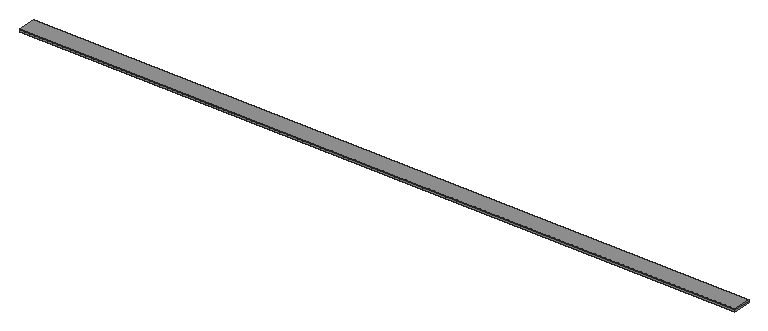
Revit family "0068122", category Lighting Fixtures, host Face, Revit 2017
Family settings
  Host = Face
  Round Connector Dimension = Use Diameter
  Part Type = Normal
  OmniClass Number = 23.80.70.00
  OmniClass Title = Lighting
  Cut with Voids When Loaded = No
  Light Source = Yes
  Shared = No
  Room Calculation Point = No
Parameters (values of type "0068122 START ECO FLEX IP20 RGBW - 500 mm")
  Width_SYL = if(IP20HO_SYL, 10 mm, if(IP65_SYL, 12 mm, if(IP65HO_SYL, 10 mm, if(IP67_SYL, 10 mm, if(IP20RGB_SYL, 8 mm, if(IP20RGBW_SYL, 12 mm, if(IP67RGB_SYL, 12 mm, if(IP67RGBW_SYL, 14 mm, 8 mm))))))))  # 12 mm
  Weight = "4.0 kg"
  Wattage Comments = ""
  Wattage = 72 W
  WarrantyStartDate [instance] = "n/a"
  WarrantyGuarantorParts = "n/a"
  WarrantyDurationUnit = "n/a"
  WarrantyDurationParts = "n/a"
  WarrantyDescription = "n/a"
  built-in parameter 1150110 = 1 (stored number, unit not read)
  Voltage = 24 V
  URL = "http://www.sylvania-lighting.com"
  TypeName = "START ECO FLEX IP20 RGBW - 500 mm"
  Type Image = <None>
  Type Comments = "n/a"
  built-in parameter 1114217 = 1 (stored number, unit not read)
  Tilt Angle = -90.00°
  built-in parameter 1150109 = 1 (stored number, unit not read)
  built-in parameter 1150134 = 5
  built-in parameter 1150113 = 1 (stored number, unit not read)
  StartCapWidth_SYL = if(IP20HO_SYL, 2 mm, if(IP65_SYL, 14 mm, if(IP65HO_SYL, 12 mm, if(IP67_SYL, 17.5 mm, if(IP20RGB_SYL, 2 mm, if(IP20RGBW_SYL, 2 mm, if(IP67RGB_SYL, 14 mm, if(IP67RGBW_SYL, 16 mm, 2 mm))))))))  # 2 mm
  StartCapVisible_SYL [instance] = no
  StartCapLength_SYL = if(IP20HO_SYL, 2 mm, if(IP65_SYL, 10 mm, if(IP65HO_SYL, 15 mm, if(IP67_SYL, 35 mm, if(IP20RGB_SYL, 2 mm, if(IP20RGBW_SYL, 2 mm, if(IP67RGB_SYL, 12 mm, if(IP67RGBW_SYL, 12 mm, 2 mm))))))))  # 2 mm
  StartCapHeight_SYL = if(IP20HO_SYL, 2 mm, if(IP65_SYL, 6 mm, if(IP65HO_SYL, 6 mm, if(IP67_SYL, 9.5 mm, if(IP20RGB_SYL, 2 mm, if(IP20RGBW_SYL, 2 mm, if(IP67RGB_SYL, 7 mm, if(IP67RGBW_SYL, 7 mm, 2 mm))))))))  # 2 mm
  SerialNumber [instance] = "n/a"
  SealingVisibility_SYL = yes
  IP67_SYL = no
  IP67RGB_SYL = no
  IP67RGBW_SYL = no
  IP65_SYL = no
  IP65HO_SYL = no
  IP20RGB_SYL = no
  IP20RGBW_SYL = yes
  IP20HO_SYL = no
  HeightWithSealing_SYL = if(IP20HO_SYL, 2 mm, if(IP65_SYL, 4 mm, if(IP65HO_SYL, 4 mm, if(IP67_SYL, 6 mm, if(IP20RGB_SYL, 2 mm, if(IP20RGBW_SYL, 2 mm, if(IP67RGB_SYL, 5 mm, if(IP67RGBW_SYL, 5 mm, 2 mm))))))))  # 2 mm
  Photometric Web File = "0068122.ies"
  Material_3_SYL = ABS Plastic
  PowerFactor = 0
  PowerConsumption = "72 W"
  NominalLength = 5000 mm
  NominalHeight = 2 mm
  NominalDepth = 12 mm
  Name = "START ECO FLEX IP20 RGBW - 500 mm"
  ModelReference = Name  # "START ECO FLEX IP20 RGBW - 500 mm"
  ModelNumber = "0068122"
  Model = Name  # "START ECO FLEX IP20 RGBW - 500 mm"
  Material = "none diffuser"
  ManufacturerName = "Feilo Sylvania"
  Manufacturer = "Feilo Sylvania"
  LuminousEfficacy = "56 lm/W"
  built-in parameter 1150105 = 1299.1 (stored number, unit not read)
  Lumens = 4032 lm
  LuminaireType = ""
  built-in parameter 1150115 = 1 (stored number, unit not read)
  LightOutputRatio = "n/a"
  built-in parameter 1150137 = (empty or 0)
  built-in parameter 1150139 = (empty or 0)
  Length_SYL = 500 mm
  LampsType = Lamp  # "LED"
  LampNominalLuminous = "4000 lm"
  LampMacAdamStep = "n/a"
  LampColourTemperature = "6000 K"
  LampColourRenderingIndex = "50"
  built-in parameter 1150112 = 1 (stored number, unit not read)
  built-in parameter 1150114 = 1 (stored number, unit not read)
  Lamp = "LED"
  Keynote = "16500"
  InstallationDate [instance] = "n/a"
  InputVoltage = "24V DC"
  InputNominalFrequency = "n/a"
  built-in parameter 1150132 = (empty or 0)
  built-in parameter 1150102 = (empty or 0)
  built-in parameter 1150107 = 6000 (stored number, unit not read)
  built-in parameter 1150138 = (empty or 0)
  IngressProtection = "IP20"
  ImpactProtectionIndex = "IK00"
  built-in parameter 1150106 = 12.991 (stored number, unit not read)
  IfcExportType = "IfcLightFixtureType"
  IfcExportAs = "IfcLightFixtureType"
  EndCapWidth_SYL = if(IP20HO_SYL, 2 mm, if(IP65_SYL, 14 mm, if(IP65HO_SYL, 12 mm, if(IP67_SYL, 17.5 mm, if(IP20RGB_SYL, 2 mm, if(IP20RGBW_SYL, 2 mm, if(IP67RGB_SYL, 14 mm, if(IP67RGBW_SYL, 16 mm, 2 mm))))))))  # 2 mm
  EndCapVisible_SYL [instance] = no
  EndCapLength_SYL = if(IP20HO_SYL, 2 mm, if(IP65_SYL, 10 mm, if(IP65HO_SYL, 10 mm, if(IP67_SYL, 15 mm, if(IP20RGB_SYL, 2 mm, if(IP20RGBW_SYL, 2 mm, if(IP67RGB_SYL, 10 mm, if(IP67RGBW_SYL, 10 mm, 2 mm))))))))  # 2 mm
  EndCapHeight_SYL = if(IP20HO_SYL, 2 mm, if(IP65_SYL, 6 mm, if(IP65HO_SYL, 6 mm, if(IP67_SYL, 9.5 mm, if(IP20RGB_SYL, 2 mm, if(IP20RGBW_SYL, 2 mm, if(IP67RGB_SYL, 7 mm, if(IP67RGBW_SYL, 7 mm, 2 mm))))))))  # 2 mm
  EmitSurfaceOffset_SYL = 1 mm  # constant formula
  EmitSurfaceHeight_SYL = if(IP20HO_SYL, 1.2 mm, if(IP65_SYL, 4 mm, if(IP65HO_SYL, 4 mm, if(IP67_SYL, 6 mm, if(IP20RGB_SYL, 1.2 mm, if(IP20RGBW_SYL, 1.2 mm, if(IP67RGB_SYL, 5 mm, if(IP67RGBW_SYL, 5 mm, 1.2 mm))))))))  # 1.2 mm
  Emit from Rectangle Width = if(IP20HO_SYL, 3.5 mm, if(IP65_SYL, 12 mm, if(IP65HO_SYL, 10 mm, if(IP67_SYL, 10 mm, if(IP20RGB_SYL, 5 mm, if(IP20RGBW_SYL, 5 mm, if(IP67RGB_SYL, 12 mm, if(IP67RGBW_SYL, 14 mm, 3.5 mm))))))))  # 5 mm
  Emit from Rectangle Length = Length_SYL - 2 * EmitSurfaceOffset_SYL  # 498 mm
  Emit Shape Visible in Rendering = no
  ElectricShockClassification = "Class III"
  built-in parameter 1150104 = 5.2026 (stored number, unit not read)
  DocumentationLiterature = "http://www.sylvania-lighting.com/product/en-int/products/0068122"
  DimmingControlOptions = "n/a"
  Material_2_SYL = LED
  Dimming Lamp Color Temperature Shift = <None>
  Description = "5 metre IP20 LED reel with pre-attached 3M adhesive type;  equipped with 600 LEDs; 24V; RGBW; CRI80; 30000 hrs (L70); White colour 2700K"
  Default Elevation = 1219.2 mm
  CreatedOn = "9/11/2019"
  CreatedBy = "@sylvania-lighting.com"
  Cost = 0
  Color Filter = 16777215
  built-in parameter 1114216 [instance] = (empty or 0)
  ClassificationValue = "EF_70_80"
  ClassificationName = "Uniclass2015"
  Material_1_SYL = Aluminum
  BarCode [instance] = "n/a"
  built-in parameter 1114218 = 1 (stored number, unit not read)
  built-in parameter 1150133 = 10 (stored number, unit not read)
  AssetType = "Fixed"
  AssetIdentifier [instance] = "n/a"
  Assembly Code = "D5020200"
  Apparent Load = 72 VA
  Material_4_SYL = Polycarbonate, Clear
Types (4, lengths in mm): name | TypeName | StartCapVisible_SYL | Name | ModelReference | Model | Length_SYL | EndCapVisible_SYL | Emit from Rectangle Length
  0068122 START ECO FLEX IP20 RGBW - 500 mm | "START ECO FLEX IP20 RGBW - 500 mm" | no | "START ECO FLEX IP20 RGBW - 500 mm" | "START ECO FLEX IP20 RGBW - 500 mm" | "START ECO FLEX IP20 RGBW - 500 mm" | 500 | no | 498
  0068122 START ECO FLEX IP20 RGBW - 100 mm | "START ECO FLEX IP20 RGBW - 100 mm" | no | "START ECO FLEX IP20 RGBW - 100 mm" | "START ECO FLEX IP20 RGBW - 100 mm" | "START ECO FLEX IP20 RGBW - 100 mm" | 100 | no | 98
  0068122 START ECO FLEX IP20 RGBW - 50 mm | "START ECO FLEX IP20 RGBW - 50 mm" | yes | "START ECO FLEX IP20 RGBW - 50 mm" | "START ECO FLEX IP20 RGBW - 50 mm" | "START ECO FLEX IP20 RGBW - 50 mm" | 50 | yes | 48
  0068122 START ECO FLEX IP20 RGBW - 10 mm | "START ECO FLEX IP20 RGBW - 10 mm" | yes | "START ECO FLEX IP20 RGBW - 10 mm" | "START ECO FLEX IP20 RGBW - 10 mm" | "START ECO FLEX IP20 RGBW - 10 mm" | 10 | yes | 8
Reference planes
  plane 1 "Center (Front/Back)": y = 0
  plane 2: z = 0
  plane 3 "Center (Left/Right)": x = 0
  plane 4: y = 6
  plane 5: y = -6
  plane 6: z = 1.2
  plane 7: x = 500
  plane 8: x = 250
  plane 9: x = 1
  plane 10: x = 499
  plane 11: y = 1.8
  plane 12: y = -1.8
  plane 13: y = 1
  plane 14: y = -1
  plane 15: x = -2
  plane 16: x = 502
  plane 17: y = 1
  plane 18: y = -1
  plane 19: z = 1.2
  plane 20: z = 2
  plane 21: z = 0.6
  plane 22: z = -0.4
  plane 23: z = 1.6
  plane 24: z = 1.6
  plane 25: z = -0.4
Forms (mm)
  Extrusion 1, solid, material "Aluminum" <- "Material_1_SYL"
    sketch origin (0, 0, 0) x (0, 1, 0) y (0, 0, 1)
      loop
        line (-6, 1.2) -> (-6, 0) -> (6, 0) -> (6, 1.2) -> (-6, 1.2)
    from 0 to 500
  Extrusion 2, solid, material "Polycarbonate, Clear" <- "Material_4_SYL", visible <- "SealingVisibility_SYL"
    sketch origin (0, 0, 0) x (0, 1, 0) y (0, 0, 1)
      loop
        line (-6, 1.2) -> (6, 1.2) -> (6, 2) -> (-6, 2) -> (-6, 1.2)
    from 0 to 500
  Extrusion 3, solid, visible <- "StartCapVisible_SYL"
    sketch origin (0, 0, 0) x (0, 1, 0) y (0, 0, 1)
      loop
        line (-1, -0.4) -> (1, -0.4) -> (1, 1.6) -> (-1, 1.6) -> (-1, -0.4)
    from 0 to -2
  Extrusion 4, solid, visible <- "EndCapVisible_SYL"
    sketch origin (500, 1524, 1219.2) x (0, 1, 0) y (0, 0, 1)
      loop
        line (-1523, -1219.6) -> (-1523, -1217.6) -> (-1525, -1217.6) -> (-1525, -1219.6) -> (-1523, -1219.6)
    from 0 to 2
Lines and regions (mm)
  Split face 1
    outline origin (0, -6, 1.2) x (0, 1, 0) y (-1, 0, 0)
      loop
        line (7.8, -1) -> (4.2, -1) -> (4.2, -499) -> (7.8, -499) -> (7.8, -1)
  reference lines
    curve 1: line (1, 1.8, 0) -> (499, 1.8, 0)
    curve 2: line (1, -1.8, 0) -> (1, 1.8, 0)
    curve 3: line (499, -1.8, 0) -> (1, -1.8, 0)
    curve 4: line (499, 1.8, 0) -> (499, -1.8, 0)
Dimensions and locks
  equal spacing: plane 5, plane 1 "Center (Front/Back)", plane 4
  "Width_SYL": plane 5 to plane 4
  "Length_SYL": plane 3 "Center (Left/Right)" to plane 7
  "EmitSurfaceOffset_SYL": plane 3 "Center (Left/Right)" to plane 9
  equal spacing: plane 9, plane 8, plane 10
  "EmitSurfaceOffset_SYL": plane 10 to plane 7
  equal spacing: plane 12, plane 1 "Center (Front/Back)", plane 11
  locked: plane 12 to plane 11 at 3.6
  equal spacing: plane 14, plane 1 "Center (Front/Back)", plane 13
  "StartCapWidth_SYL": plane 14 to plane 13
  "StartCapLength_SYL": plane 15 to plane 3 "Center (Left/Right)"
  equal spacing: plane 18, plane 1 "Center (Front/Back)", plane 17
  "EndCapWidth_SYL": plane 18 to plane 17
  "EndCapLength_SYL": plane 7 to plane 16
  "EmitSurfaceHeight_SYL": plane 19 to plane 2
  "HeightWithSealing_SYL": host face to plane 20
  equal spacing: plane 2, plane 21, plane 19
  equal spacing: plane 22, plane 21, plane 23
  "EndCapHeight_SYL": plane 22 to plane 23
  equal spacing: plane 25, plane 21, plane 24
  "StartCapHeight_SYL": plane 25 to plane 24
  aligned and locked: plane 2 to host face
  aligned and locked: level to host face
  aligned and locked: plane 6 to Extrusion 1 sketch curve
  aligned and locked: Extrusion 1 sketch curve to plane 5
  aligned and locked: level to Extrusion 1 sketch curve
  aligned and locked: plane 4 to Extrusion 1 sketch curve
  aligned and locked: plane 7 to Extrusion 1
  aligned and locked: imposter light to plane 1 "Center (Front/Back)"
  aligned and locked: plane 8 to imposter light
  aligned and locked: plane 11 to curve 1
  aligned and locked: plane 9 to curve 2
  aligned and locked: curve 3 to plane 12
  aligned and locked: curve 4 to plane 10
  aligned and locked: Split face 1 sketch curve to curve 1
  aligned and locked: Split face 1 sketch curve to curve 4
  aligned and locked: Split face 1 sketch curve to curve 3
  aligned and locked: Split face 1 sketch curve to curve 2
  aligned and locked: imposter light to plane 19
  aligned and locked: Extrusion 2 sketch curve to Extrusion 1  (x2)
  aligned and locked: Extrusion 2 sketch curve to plane 20
  aligned and locked: Extrusion 2 sketch curve to plane 4
  aligned and locked: Extrusion 2 to plane 3 "Center (Left/Right)"
  aligned and locked: plane 7 to Extrusion 2
  aligned and locked: plane 22 to Extrusion 3 sketch curve
  aligned and locked: plane 14 to Extrusion 3 sketch curve
  aligned and locked: Extrusion 3 sketch curve to plane 23
  aligned and locked: Extrusion 3 sketch curve to plane 13
  aligned and locked: Extrusion 3 to plane 15
  aligned and locked: plane 3 "Center (Left/Right)" to Extrusion 3
  aligned and locked: plane 13 to Extrusion 4 sketch curve
  aligned and locked: plane 23 to Extrusion 4 sketch curve
  aligned and locked: Extrusion 4 sketch curve to plane 18
  aligned and locked: Extrusion 4 sketch curve to plane 25
  aligned and locked: plane 16 to Extrusion 4
  aligned and locked: Extrusion 4 to plane 7
Automatic sketch dimensions
  host sketch curve to host sketch curve = 600 mm
  host sketch curve to host sketch curve = 100 mm
Connectors
  electrical at (0, 0, 0.6), driven by "Voltage", driven by "Apparent Load", driven by "PowerFactor"
    settings: on Extrusion 1, index 1, voltage 24 V, apparent load 72 VA, apparent load phase1 0 VA, apparent load phase2 0 VA, apparent load phase3 0 VA, power factor 0, load classification "Other", number of poles 1, system type 30, power factor state 1, is connector primary yes, connector utility no, sub classification motor no, connector description ""
